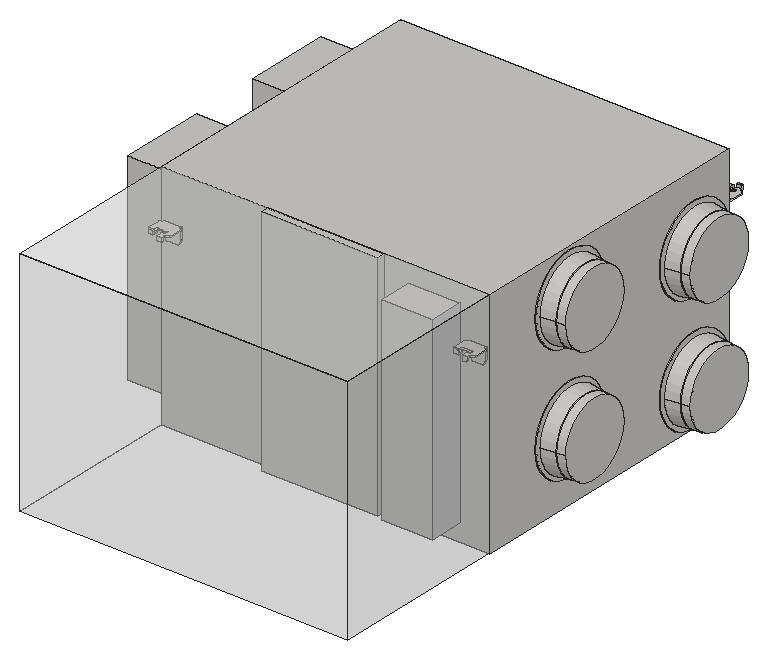
Revit family "outputfile", category 機械設備, Revit 2024
Family settings
  丸型コネクタ寸法 = 半径を使用
  パーツ タイプ = 標準
  OmniClass 番号 = 23.75.10.34.21
  OmniClass タイトル = Heat Exchangers for Ventilation Air
  作業面ベース = いいえ
  常に垂直 = はい
  ロード時にボイドで切り取り = いいえ
  注釈の向きを維持 = いいえ
  共有 = いいえ
  部屋計算ポイント = はい
Parameters (values of type "VAM2000HVE")
  Description = ""
  製造元 = "Daikin"
  書き出し IFC クラス(タイプ) = "IfcAirToAirHeatRecoveryType"
  定義済み IFC タイプ(タイプ) = "ROTARYWHEEL"
  Cost = 0
  モデル = "VAM2000HVE"
  Type Comments = ""
  Keynote = ""
  Type Image = (empty or 0)
  Assembly Code = ""
  w_maintenacecover = 395.0 mm  # constant formula
  r2_airconnection_top = 123.0 mm  # constant formula
  r1_airconnection_top = 125.0 mm  # constant formula
  r1_airconnection_bottom = 131.5 mm  # constant formula
  r0_airconnection = 146.0 mm  # constant formula
  Voltage_comment_60Hz = "220-240"
  Voltage_comment_50Hz = "220-240"
  Voltage_60Hz = 220 V
  Voltage_50Hz = 220 V
  URL = ""
  Phase_60Hz = 1
  Phase_50Hz = 1
  Minimum External Static Pressure = 96.00 Pa
  Minimum Circuit Amps_60Hz = 10.09 A
  Minimum Circuit Amps_50Hz = 10.09 A
  Maximum Fuse Amps_60Hz = 15.0 A
  Maximum Fuse Amps_50Hz = 15.0 A
  Maximum External Static Pressure = 210.00 Pa
  Material_Casing = DAIKIN_GalvanizedSteel_Casing_indoorunit
  lw_mountinghole = 1034.0 mm  # constant formula
  w_controlbox_right = 101.0 mm  # constant formula
  w_controlbox = 170.0 mm  # constant formula
  r_SAduct = SA Duct Size Diameter / 2  # 125.0 mm
  r_RAduct = RA Duct Size Diameter / 2  # 125.0 mm
  lh_mounting = lh_mountinghole + [h***]  # 625.0 mm
  lh_antena = Height - lh_mountinghole + 1.0 mm  # 161.0 mm
  lh_SA1 = 235.0 mm  # constant formula
  lh_SA2 = 632.0 mm  # constant formula
  lh_RA1 = 153.0 mm  # constant formula
  lh_RA2 = 550.0 mm  # constant formula
  lh_OA = 433.0 mm  # constant formula
  lh_EA = 433.0 mm  # constant formula
  ld_SA = 333.0 mm  # constant formula
  ld_RA = 152.0 mm  # constant formula
  ld_OA = 152.0 mm  # constant formula
  ld_EA = 333.0 mm  # constant formula
  lh_mountinghole = 625.0 mm  # constant formula
  h_controlbox = 666.0 mm  # constant formula
  h*** = 0.0 mm  # constant formula
  d_total_airconnection = d1_airconnection + d2_airconnection  # 89.0 mm
  d_outdoorductsize = 120.0 mm  # constant formula
  d_maintenacecover = 26.0 mm  # constant formula
  ld_mountinghole = 1115.0 mm  # constant formula
  d_controlbox = 117.0 mm  # constant formula
  d2_airconnection = 31.0 mm  # constant formula
  d1_airconnection = 58.0 mm  # constant formula
  d0_airconnection = 6.5 mm  # constant formula
  Width = 1110.0 mm
  Version = "ver.1.0"
  Unit Type = "Heat Recovery Ventilator"
  Unit Mass Weight = 133.00 kg
  Unit Designation [instance] = ""
  Uniclass2015Version = "Products v1.30"
  Uniclass2015Title = "Thermal wheels"
  Uniclass2015Code = "Pr_60_60_36_88"
  Temperature exchange efficiency (Heating) = 73.50%
  Temperature exchange efficiency (Cooling) = 58.50%
  Supply Air Direction [instance] = yes
  Sound Pressure Level_M speed (dBA) = 41.5
  Sound Pressure Level_L speed (dBA) = 39
  Sound Pressure Level_H speed (dBA) = 43.5
  Series = "VRV Fan Coil Unit"
  SA Duct Size Diameter = 250.0 mm
  Refrigerant Type = ""
  RA Duct Size Diameter = 250.0 mm
  Option Accessory 3 [instance] = ""
  Option Accessory 2 [instance] = ""
  Option Accessory 1 [instance] = ""
  OA Duct Size Width = 290.0 mm
  OA Duct Size Height = 680.0 mm
  Nominal Airflow = 2000.00 m³/h
  Minimum Airflow = 700.00 m³/h
  Median Airflow = 0.00 m³/h
  Maximum Airflow = 2500.00 m³/h
  Load Classification = HVAC
  Link_Nested Family [instance] = ""
  IfcVersion = "0"
  IfcExportType = "ROTARYWHEEL"
  IfcExportAs = "IfcAirToAirHeatRecoveryType"
  Height = 785.0 mm
  Heating Entering Wet Bulb Temperature [instance] = 0.00 °C
  Heating Entering Dry Bulb Temperature [instance] = 0.00 °C
  Heating Ambient Wet Bulb Temperature [instance] = 0.00 °C
  Heating Ambient Dry Bulb Temperature [instance] = 0.00 °C
  Frequency_60Hz = 60 Hz
  Frequency_50Hz = 50 Hz
  Fan Type = "Sirocco Fan"
  Fan Drive = "Direct Drive"
  FCU Tag No. [instance] = ""
  Enthalpy exchange efficiency (Heating) = 68.00%
  Enthalpy exchange efficiency (Cooling) = 60.00%
  EA Duct Size Width = 290.0 mm
  EA Duct Size Height = 680.0 mm
  Design Supply Airflow [instance] = 0.00 m³/h
  Design Return Airflow [instance] = 0.00 m³/h
  Design Outdoor Airflow [instance] = 0.00 m³/h
  Design External Static Pressure [instance] = 0.00 Pa
  Design Exhaust Airflow [instance] = 0.00 m³/h
  Depth = 1012.0 mm
  既定の高さ = 0.0 mm
  Cooling Entering Wet Bulb Temperature [instance] = 0.00 °C
  Cooling Entering Dry Bulb Temperature [instance] = 0.00 °C
  Cooling Ambient Wet Bulb Temperature [instance] = 0.00 °C
  Cooling Ambient Dry Bulb Temperature [instance] = 0.00 °C
  Clearance visibility [instance] = yes
  Clearance Top = 0.0 mm
  Clearance Right = 0.0 mm
  Clearance Rear = 0.0 mm
  Clearance Left = 0.0 mm
  Clearance Front = 600.0 mm
  Clearance Bottom = 0.0 mm
Reference planes
  plane 1 "Center (Front/Back)": y = 0
  plane 2: z = 0
  plane 3 "Center (Left/Right)": x = 0
  plane 4 "Back": y = 506
  plane 5 "Front": y = -506
  plane 6 "Left": x = -555
  plane 7 "Right": x = 555
  plane 8 "Top": z = 0
  plane 9 "mountinghole_Left": x = -517
  plane 10 "mountinghole_Right": x = 517
  plane 11 "mountinghole_Back": y = 557.5
  plane 12 "mountinghole_Front": y = -557.5
  plane 13 "Center (Elevation)": z = -392.5
  plane 14 "h_mounting": z = -160
  plane 15 "w_maintenacecover_left": x = -197.5
  plane 16 "w_maintenacecover_right": x = 197.5
  plane 17 "Clearance Front": y = -1106
  plane 18 "Clearance Left": x = -555
  plane 19 "Clearance Right": x = 555
  plane 20 "Clearance Rear": y = 506
  plane 21 "Clearance Top": z = 0
  plane 22 "Clearance Bottom": z = -785
  plane 23 "d_maintenacecover": y = -532
  plane 24 "d_controlbox": y = -623
  plane 25 "w_controlbox_left": x = 284
  plane 26 "w_controlbox_right": x = 454
  plane 27 "Bottom": z = -785
  plane 28 "h_controlbox_top": z = -59.5
  plane 29 "h_controlbox_bottom": z = -725.5
  plane 30 "lh_OA": z = -352
  plane 31 "lh_EA": z = -352
  plane 32 "lh_SA": z = -550
  plane 33 "lh_RA": z = -632
  plane 34 "ld_EA": y = 173
  plane 35 "ld_OA": y = -354
  plane 36 "ld_RA": y = 354
  plane 37 "ld_SA": y = -173
  plane 38 "d_outdoorductsize": x = -675
  plane 39 "lh_RA_above": z = -235
  plane 40 "lh_SA_above": z = -153
  plane 41 "lw_powersuply": x = 369
  plane 42 "lh_powersuply": z = -393
Forms (mm)
  Extrusion 1, solid, material "DAIKIN_GalvanizedSteel_Casing_indoorunit" <- "Material_Casing"
    sketch origin (0, 0, 200) x (1, 0, 0) y (0, 1, 0)
      loop
        line (-555, 506) -> (-555, -506) -> (555, -506) -> (555, 506) -> (-555, 506)
    from -985 to -200
  Extrusion 2, solid, material "DAIKIN_GalvanizedSteel_Casing_indoorunit" <- "Material_Casing"
    sketch origin (0, 0, 0) x (1, 0, 0) y (0, 1, 0)
      loop
        line (-197.5, -506) -> (-197.5, -532) -> (197.5, -532) -> (197.5, -506) -> (-197.5, -506)
    from -785 to 0
  Extrusion 3, solid, material "DAIKIN_GalvanizedSteel_Casing_indoorunit" <- "Material_Casing"
    sketch origin (0, 0, 0) x (1, 0, 0) y (0, 1, 0)
      loop
        line (284, -506) -> (284, -623) -> (454, -623) -> (454, -506) -> (284, -506)
    from -725.5 to -59.5
  Extrusion 4, solid, material "DAIKIN_GalvanizedSteel_Casing_indoorunit" <- "Material_Casing"
    sketch origin (0, 0, 0) x (0, 1, 0) y (0, 0, 1)
      loop
        line (318, -12) -> (28, -12) -> (28, -692) -> (318, -692) -> (318, -12)
    from -675 to -555
  Extrusion 5, solid, material "DAIKIN_GalvanizedSteel_Casing_indoorunit" <- "Material_Casing"
    sketch origin (0, 0, 0) x (0, 1, 0) y (0, 0, 1)
      loop
        line (-209, -12) -> (-499, -12) -> (-499, -692) -> (-209, -692) -> (-209, -12)
    from -555 to -675
Dimensions and locks
  equal spacing: plane 6 "Left", plane 3 "Center (Left/Right)", plane 7 "Right"
  "Width": plane 6 "Left" to plane 7 "Right"
  equal spacing: plane 4 "Back", plane 1 "Center (Front/Back)", plane 5 "Front"
  "Depth": plane 4 "Back" to plane 5 "Front"
  "lw_mountinghole": plane 9 "mountinghole_Left" to plane 10 "mountinghole_Right"
  equal spacing: plane 9 "mountinghole_Left", plane 3 "Center (Left/Right)", plane 10 "mountinghole_Right"
  equal spacing: plane 11 "mountinghole_Back", plane 1 "Center (Front/Back)", plane 12 "mountinghole_Front"
  "ld_mountinghole": plane 11 "mountinghole_Back" to plane 12 "mountinghole_Front"
  "Clearance Front": plane 5 "Front" to plane 17 "Clearance Front"
  "Clearance Left": plane 18 "Clearance Left" to plane 6 "Left"
  "Clearance Right": plane 7 "Right" to plane 19 "Clearance Right"
  "Clearance Rear": plane 4 "Back" to plane 20 "Clearance Rear"
  "w_controlbox_right": plane 26 "w_controlbox_right" to plane 7 "Right"
  "w_controlbox": plane 25 "w_controlbox_left" to plane 26 "w_controlbox_right"
  equal spacing: plane 15 "w_maintenacecover_left", plane 3 "Center (Left/Right)", plane 16 "w_maintenacecover_right"
  "w_maintenacecover": plane 15 "w_maintenacecover_left" to plane 16 "w_maintenacecover_right"
  "lh_mountinghole": plane 14 "h_mounting" to plane 27 "Bottom"
  "Height": plane 8 "Top" to plane 27 "Bottom"
  equal spacing: plane 8 "Top", plane 13 "Center (Elevation)", plane 27 "Bottom"
  "Clearance Top": plane 21 "Clearance Top" to plane 8 "Top"
  "Clearance Bottom": plane 27 "Bottom" to plane 22 "Clearance Bottom"
  equal spacing: plane 28 "h_controlbox_top", plane 13 "Center (Elevation)", plane 29 "h_controlbox_bottom"
  "h_controlbox": plane 28 "h_controlbox_top" to plane 29 "h_controlbox_bottom"
  "d_controlbox": plane 5 "Front" to plane 24 "d_controlbox"
  "d_maintenacecover": plane 5 "Front" to plane 23 "d_maintenacecover"
  "lh_SA1": plane 32 "lh_SA" to plane 27 "Bottom"
  "lh_RA1": plane 33 "lh_RA" to plane 27 "Bottom"
  "ld_OA": plane 35 "ld_OA" to plane 5 "Front"
  "ld_EA": plane 4 "Back" to plane 34 "ld_EA"
  "ld_RA": plane 4 "Back" to plane 36 "ld_RA"
  "ld_SA": plane 37 "ld_SA" to plane 5 "Front"
  "lh_EA": plane 31 "lh_EA" to plane 27 "Bottom"
  "lh_OA": plane 30 "lh_OA" to plane 27 "Bottom"
  equal spacing: Extrusion 4 sketch curve, plane 34 "ld_EA", Extrusion 4 sketch curve
  "EA Duct Size Width": Extrusion 4 sketch curve to Extrusion 4 sketch curve
  "EA Duct Size Height": Extrusion 4 sketch curve to Extrusion 4 sketch curve
  equal spacing: Extrusion 5 sketch curve, plane 35 "ld_OA", Extrusion 5 sketch curve
  "OA Duct Size Width": Extrusion 5 sketch curve to Extrusion 5 sketch curve
  equal spacing: Extrusion 4 sketch curve, plane 31 "lh_EA", Extrusion 4 sketch curve
  equal spacing: Extrusion 5 sketch curve, plane 30 "lh_OA", Extrusion 5 sketch curve
  "OA Duct Size Height": Extrusion 5 sketch curve to Extrusion 5 sketch curve
  "d_outdoorductsize": plane 38 "d_outdoorductsize" to plane 6 "Left"
  "lh_SA2": plane 40 "lh_SA_above" to plane 27 "Bottom"
  "lh_RA2": plane 39 "lh_RA_above" to plane 27 "Bottom"
  locked: plane 41 "lw_powersuply" to plane 7 "Right" at 186
  locked: plane 42 "lh_powersuply" to plane 27 "Bottom" at 392
  aligned and locked: level to plane 2
  aligned and locked: Extrusion 1 sketch curve to plane 4 "Back"
  aligned and locked: plane 6 "Left" to Extrusion 1 sketch curve
  aligned and locked: plane 5 "Front" to Extrusion 1 sketch curve
  aligned and locked: Extrusion 1 sketch curve to plane 7 "Right"
  aligned and locked: plane 8 "Top" to Extrusion 1
  aligned and locked: nested 1 to plane 10 "mountinghole_Right"
  aligned and locked: nested 1 to plane 5 "Front"
  aligned and locked: plane 9 "mountinghole_Left" to nested 2
  aligned and locked: nested 2 to plane 5 "Front"
  aligned and locked: plane 4 "Back" to nested 3
  aligned and locked: plane 10 "mountinghole_Right" to nested 3
  aligned and locked: nested 4 to plane 9 "mountinghole_Left"
  aligned and locked: plane 4 "Back" to nested 4
  aligned and locked: nested 6 to plane 10 "mountinghole_Right"
  aligned and locked: nested 6 to plane 11 "mountinghole_Back"
  aligned and locked: plane 9 "mountinghole_Left" to nested 7
  aligned and locked: nested 7 to plane 11 "mountinghole_Back"
  aligned and locked: plane 9 "mountinghole_Left" to nested 8
  aligned and locked: plane 12 "mountinghole_Front" to nested 8
  aligned and locked: plane 12 "mountinghole_Front" to nested 9
  aligned and locked: nested 9 to plane 10 "mountinghole_Right"
  aligned and locked: plane 14 "h_mounting" to nested 3
  aligned and locked: plane 14 "h_mounting" to nested 1
  aligned and locked: plane 14 "h_mounting" to nested 4
  aligned and locked: plane 14 "h_mounting" to nested 2
  aligned and locked: nested 5 to plane 17 "Clearance Front"
  aligned and locked: nested 5 to plane 18 "Clearance Left"
  aligned and locked: nested 5 to plane 19 "Clearance Right"
  aligned and locked: nested 5 to plane 20 "Clearance Rear"
  aligned and locked: nested 5 to plane 22 "Clearance Bottom"
  aligned and locked: nested 5 to plane 21 "Clearance Top"
  aligned and locked: plane 27 "Bottom" to Extrusion 1
  aligned and locked: plane 23 "d_maintenacecover" to Extrusion 2 sketch curve
  aligned and locked: plane 16 "w_maintenacecover_right" to Extrusion 2 sketch curve
  aligned and locked: plane 15 "w_maintenacecover_left" to Extrusion 2 sketch curve
  aligned and locked: Extrusion 2 sketch curve to plane 5 "Front"
  aligned and locked: plane 8 "Top" to Extrusion 2
  aligned and locked: Extrusion 2 to plane 27 "Bottom"
  aligned and locked: plane 24 "d_controlbox" to Extrusion 3 sketch curve
  aligned and locked: plane 25 "w_controlbox_left" to Extrusion 3 sketch curve
  aligned and locked: Extrusion 3 sketch curve to plane 5 "Front"
  aligned and locked: Extrusion 3 sketch curve to plane 26 "w_controlbox_right"
  aligned and locked: plane 28 "h_controlbox_top" to Extrusion 3
  aligned and locked: plane 29 "h_controlbox_bottom" to Extrusion 3
  aligned and locked: plane 36 "ld_RA" to nested 10
  aligned and locked: plane 7 "Right" to nested 10
  aligned and locked: plane 37 "ld_SA" to nested 11
  aligned and locked: plane 7 "Right" to nested 11
  aligned and locked: plane 32 "lh_SA" to nested 11
  aligned and locked: plane 33 "lh_RA" to nested 10
  aligned and locked: plane 37 "ld_SA" to nested 13
  aligned and locked: plane 7 "Right" to nested 13
  aligned and locked: plane 36 "ld_RA" to nested 14
  aligned and locked: plane 7 "Right" to nested 14
  aligned and locked: nested 16 to plane 34 "ld_EA"
  aligned and locked: nested 15 to plane 35 "ld_OA"
  aligned and locked: nested 16 to plane 6 "Left"
  aligned and locked: nested 15 to plane 6 "Left"
  aligned and locked: plane 31 "lh_EA" to nested 15
  aligned and locked: nested 16 to plane 31 "lh_EA"
  aligned and locked: nested 14 to plane 33 "lh_RA"
  aligned and locked: nested 13 to plane 32 "lh_SA"
  aligned and locked: Extrusion 4 to plane 6 "Left"
  aligned and locked: Extrusion 4 to plane 38 "d_outdoorductsize"
  aligned and locked: plane 6 "Left" to Extrusion 5
  aligned and locked: Extrusion 5 to plane 38 "d_outdoorductsize"
  aligned and locked: plane 37 "ld_SA" to nested 12
  aligned and locked: nested 17 to plane 36 "ld_RA"
  aligned and locked: plane 37 "ld_SA" to nested 18
  aligned and locked: plane 39 "lh_RA_above" to nested 17
  aligned and locked: plane 40 "lh_SA_above" to nested 18
  aligned and locked: plane 7 "Right" to nested 19
  aligned and locked: plane 36 "ld_RA" to nested 19
  aligned and locked: nested 19 to plane 39 "lh_RA_above"
  aligned and locked: plane 7 "Right" to nested 20
  aligned and locked: plane 37 "ld_SA" to nested 20
  aligned and locked: nested 20 to plane 40 "lh_SA_above"
  aligned and locked: nested 21 to plane 5 "Front"
  aligned and locked: plane 41 "lw_powersuply" to nested 21
  aligned and locked: plane 42 "lh_powersuply" to nested 21
Nested families
  nested 1: "daikin_hangerfixture_VAM-HVE_1500-2000" at (517, -506, -160), type "daikin_hangerfixture_VAM-HVE_1500-2000"
    with depth 76.5 mm
  nested 2: "daikin_hangerfixture_VAM-HVE_1500-2000" at (-517, -506, -160), type "daikin_hangerfixture_VAM-HVE_1500-2000"
    with depth 76.5 mm
  nested 3: "daikin_hangerfixture_VAM-HVE_1500-2000" at (517, 506, -160) x (-1, 0, 0) z (0, 0, 1), type "daikin_hangerfixture_VAM-HVE_1500-2000"
    with depth 76.5 mm
  nested 4: "daikin_hangerfixture_VAM-HVE_1500-2000" at (-517, 506, -160) x (-1, 0, 0) z (0, 0, 1), type "daikin_hangerfixture_VAM-HVE_1500-2000"
    with depth 76.5 mm
  nested 5: "daikin_clearancespace" at (0, -300, -392.381), visible <- "Clearance visibility", show <- "Clearance visibility", Link_Nested Family <- "Link_Nested Family", type "daikin_clearancespace"
    with width 1110.0 mm, show yes, height 785.0 mm, depth 1612.0 mm, Link_Nested Family ""
  nested 6: "daikin_mountinghole" at (517, 557.5, -785), l_antenna <- "lh_antena", Link_Nested Family <- "Link_Nested Family", h_mountinghole <- "lh_mounting", type "daikin_mountinghole"
    with show yes, l_antenna 161.0 mm, h_mountinghole 625.0 mm, Link_Nested Family ""
  nested 7: "daikin_mountinghole" at (-517, 557.5, -785), l_antenna <- "lh_antena", Link_Nested Family <- "Link_Nested Family", h_mountinghole <- "lh_mounting", type "daikin_mountinghole"
    with show yes, l_antenna 161.0 mm, h_mountinghole 625.0 mm, Link_Nested Family ""
  nested 8: "daikin_mountinghole" at (-517, -557.5, -785), l_antenna <- "lh_antena", Link_Nested Family <- "Link_Nested Family", h_mountinghole <- "lh_mounting", type "daikin_mountinghole"
    with show yes, l_antenna 161.0 mm, h_mountinghole 625.0 mm, Link_Nested Family ""
  nested 9: "daikin_mountinghole" at (517, -557.5, -785), l_antenna <- "lh_antena", Link_Nested Family <- "Link_Nested Family", h_mountinghole <- "lh_mounting", type "daikin_mountinghole"
    with show yes, l_antenna 161.0 mm, h_mountinghole 625.0 mm, Link_Nested Family ""
  nested 10: "daikin_airconnection_VAM-HVE_1500-2000" at (555, 354, -632) x (0, 1, 0) z (0, 0, 1), d0 <- "d0_airconnection", d1 <- "d1_airconnection", d2 <- "d2_airconnection", r0 <- "r0_airconnection", r1_bottom <- "r1_airconnection_bottom", r1_top <- "r1_airconnection_top", r2_top <- "r2_airconnection_top", type "daikin_airconnection_VAM-HVE_1500-2000"
    with r2_top 123.0 mm, r2_bottom 125.0 mm, r1_top 125.0 mm, r1_bottom 131.5 mm, r0 146.0 mm, d_total 89.0 mm, d2 31.0 mm, d1 58.0 mm, d0 6.5 mm
  nested 11: "daikin_airconnection_VAM-HVE_1500-2000" at (555, -173, -550) x (0, 1, 0) z (0, 0, 1), d0 <- "d0_airconnection", d1 <- "d1_airconnection", d2 <- "d2_airconnection", r0 <- "r0_airconnection", r1_bottom <- "r1_airconnection_bottom", r1_top <- "r1_airconnection_top", r2_top <- "r2_airconnection_top", type "daikin_airconnection_VAM-HVE_1500-2000"
    with r2_top 123.0 mm, r2_bottom 125.0 mm, r1_top 125.0 mm, r1_bottom 131.5 mm, r0 146.0 mm, d_total 89.0 mm, d2 31.0 mm, d1 58.0 mm, d0 6.5 mm
  nested 12: "daikin_△_symbolicline" at (0, -173, 785) x (0, 1, 0) z (0, 0, 1), built-in parameter 1001360 <- "Height", visible <- "Supply Air Direction", type "daikin_△_symbolicline"
    with length 500.0 mm
  nested 13: "daikin_connector_rotate2" at (555, -173, -550) x (0, 1, 0) z (0, 0, 1), length <- "d_total_airconnection", radius <- "r_SAduct", type "daikin_connector_rotate2"
    with radius 125.0 mm, length 89.0 mm, angle_vertical 90.00°, show_face no
  nested 14: "daikin_connector_rotate2" at (555, 354, -632) x (0, 1, 0) z (0, 0, 1), length <- "d_total_airconnection", radius <- "r_RAduct", type "daikin_connector_rotate2"
    with radius 125.0 mm, length 89.0 mm, angle_vertical 90.00°, show_face no
  nested 15: "daikin_connector_rotate2" at (-555, -354, -352) x (0, -1, 0) z (0, 0, 1), length <- "d_outdoorductsize", type "daikin_connector_rotate2"
    with radius 10.0 mm, length 120.0 mm, angle_vertical 90.00°, show_face no
  nested 16: "daikin_connector_rotate2" at (-555, 173, -352) x (0, -1, 0) z (0, 0, 1), length <- "d_outdoorductsize", type "daikin_connector_rotate2"
    with radius 10.0 mm, length 120.0 mm, angle_vertical 90.00°, show_face no
  nested 17: "daikin_airconnection_VAM-HVE_1500-2000" at (555, 354, -235) x (0, 1, 0) z (0, 0, 1), d0 <- "d0_airconnection", d1 <- "d1_airconnection", d2 <- "d2_airconnection", r0 <- "r0_airconnection", r1_bottom <- "r1_airconnection_bottom", r1_top <- "r1_airconnection_top", r2_top <- "r2_airconnection_top", type "daikin_airconnection_VAM-HVE_1500-2000"
    with r2_top 123.0 mm, r2_bottom 125.0 mm, r1_top 125.0 mm, r1_bottom 131.5 mm, r0 146.0 mm, d_total 89.0 mm, d2 31.0 mm, d1 58.0 mm, d0 6.5 mm
  nested 18: "daikin_airconnection_VAM-HVE_1500-2000" at (555, -173, -153) x (0, 1, 0) z (0, 0, 1), d0 <- "d0_airconnection", d1 <- "d1_airconnection", d2 <- "d2_airconnection", r0 <- "r0_airconnection", r1_bottom <- "r1_airconnection_bottom", r1_top <- "r1_airconnection_top", r2_top <- "r2_airconnection_top", type "daikin_airconnection_VAM-HVE_1500-2000"
    with r2_top 123.0 mm, r2_bottom 125.0 mm, r1_top 125.0 mm, r1_bottom 131.5 mm, r0 146.0 mm, d_total 89.0 mm, d2 31.0 mm, d1 58.0 mm, d0 6.5 mm
  nested 19: "daikin_connector_rotate2" at (555, 354, -235) x (0, 1, 0) z (0, 0, 1), length <- "d_total_airconnection", radius <- "r_RAduct", type "daikin_connector_rotate2"
    with radius 125.0 mm, length 89.0 mm, angle_vertical 90.00°, show_face no
  nested 20: "daikin_connector_rotate2" at (555, -173, -153) x (0, 1, 0) z (0, 0, 1), length <- "d_total_airconnection", radius <- "r_SAduct", type "daikin_connector_rotate2"
    with radius 125.0 mm, length 89.0 mm, angle_vertical 90.00°, show_face no
  nested 21: "daikin_connector_rotate2" at (369, -506, -393), length <- "d_controlbox", type "daikin_connector_rotate2"
    with radius 10.0 mm, length 117.0 mm, angle_vertical 90.00°, show_face no
Connectors
  hvac at (644, 354, -632), driven by "r_RAduct"
    settings: on nested 14, index 3, duct flow 0.00 m³/h, flow factor 0, pres drop 0.00 Pa, loss coef 0, conn angle 0.00°, conn width 304.8 mm, conn height 304.8 mm, conn diameter 250.0 mm, duct sys type 2, conn prof type 0, flow config 0, flow direction 1, loss method 4, conn ref index -1, conn util no, is conn primary no, conn desc "RA Duct1"
  hvac at (644, -173, -550), driven by "r_SAduct"
    settings: on nested 13, index 4, duct flow 0.00 m³/h, flow factor 0, pres drop 0.00 Pa, loss coef 0, conn angle 0.00°, conn width 304.8 mm, conn height 304.8 mm, conn diameter 250.0 mm, duct sys type 1, conn prof type 0, flow config 0, flow direction 2, loss method 4, conn ref index -1, conn util no, is conn primary yes, conn desc "SA Duct1"
  hvac at (644, -173, -153), driven by "r_SAduct"
    settings: on nested 20, index 6, duct flow 0.00 m³/h, flow factor 0, pres drop 0.00 Pa, loss coef 0, conn angle 0.00°, conn width 304.8 mm, conn height 304.8 mm, conn diameter 250.0 mm, duct sys type 1, conn prof type 0, flow config 0, flow direction 2, loss method 4, conn ref index -1, conn util no, is conn primary no, conn desc "SA Duct2"
  hvac at (644, 354, -235), driven by "r_RAduct"
    settings: on nested 19, index 7, duct flow 0.00 m³/h, flow factor 0, pres drop 0.00 Pa, loss coef 0, conn angle 0.00°, conn width 304.8 mm, conn height 304.8 mm, conn diameter 250.0 mm, duct sys type 2, conn prof type 0, flow config 0, flow direction 1, loss method 4, conn ref index -1, conn util no, is conn primary no, conn desc "RA Duct2"
  hvac at (-675, 173, -352), driven by "EA Duct Size Height", driven by "EA Duct Size Width"
    settings: on nested 16, index 8, duct flow 0.00 m³/h, flow factor 0, pres drop 0.00 Pa, loss coef 0, conn angle 0.00°, conn width 290.0 mm, conn height 680.0 mm, conn diameter 609.6 mm, duct sys type 3, conn prof type 1, flow config 0, flow direction 2, loss method 4, conn ref index -1, conn util no, is conn primary no, conn desc "EA Duct"
  hvac at (-675, -354, -352), driven by "OA Duct Size Height", driven by "OA Duct Size Width"
    settings: on nested 15, index 9, duct flow 0.00 m³/h, flow factor 0, pres drop 0.00 Pa, loss coef 0, conn angle 0.00°, conn width 290.0 mm, conn height 680.0 mm, conn diameter 609.6 mm, duct sys type 1, conn prof type 1, flow config 0, flow direction 1, loss method 4, conn ref index -1, conn util no, is conn primary no, conn desc "OA Duct"
  electrical at (369, -623, -393), driven by "Load Classification"
    settings: on nested 21, index 10, voltage 0 V, apparent load 0 VA, apparent load phase1 0 VA, apparent load phase2 0 VA, apparent load phase3 0 VA, power factor 1, load classification "HVAC", number of poles 1, system type 30, power factor state 1, is connector primary yes, connector utility no, sub classification motor no, connector description "Power Supply"
Definition of nested family "daikin_hangerfixture_VAM-HVE_1500-2000"
  Parameters (values of type "daikin_hangerfixture_VAM")
    width = 76.0 mm
    material = none
    height = 0.0 mm
    depth = 75.0 mm
    Default Elevation = 0.0 mm
  Reference planes
    plane 1 "Center (Front/Back)": y = 0
    plane 2: z = 0
    plane 3 "Center (Left/Right)": x = 0
    plane 4: y = -75
    plane 5: x = -38
    plane 6: x = 38
    plane 7: z = -3.2
    plane 8: z = -57
    plane 9: x = -28
    plane 10: x = 28
    plane 11: y = -3.2
    plane 12: z = 11.8
    plane 13: z = -15
    plane 14: y = -71.8
  Forms (mm)
    Extrusion 1, solid, material <- "material"
      sketch origin (0, 0, 0) x (1, 0, 0) y (0, 1, 0)
        loop
          line (-28, 0) -> (-28, -5)
          arc (-28, -5) -> (-29.464, -8.536) -> (-33, -10) r 5
          arc (-33, -10) -> (-36.536, -11.464) -> (-38, -15) r 5
          line (-38, -15) -> (-38, -52.597)
          arc (-38, -52.597) -> (-37.507, -54.763) -> (-36.123, -56.501) r 5
          line (-36.123, -56.501) -> (-24.877, -65.499)
          arc (-24.877, -65.499) -> (-23.493, -67.237) -> (-23, -69.403) r 5
          line (-23, -69.403) -> (-23, -75) -> (-7, -75) -> (-7, -60)
          arc (-7, -60) -> (-7.879, -57.879) -> (-10, -57) r 3
          line (-10, -57) -> (-13, -57)
          arc (-13, -57) -> (-20, -50) -> (-13, -43) r 7
          line (-13, -43) -> (13, -43)
          arc (13, -43) -> (20, -50) -> (13, -57) r 7
          line (13, -57) -> (10, -57)
          arc (10, -57) -> (7.879, -57.879) -> (7, -60) r 3
          line (7, -60) -> (7, -75) -> (23, -75) -> (23, -69.403)
          arc (23, -69.403) -> (23.493, -67.237) -> (24.877, -65.499) r 5
          line (24.877, -65.499) -> (36.123, -56.501)
          arc (36.123, -56.501) -> (37.507, -54.763) -> (38, -52.597) r 5
          line (38, -52.597) -> (38, -15)
          arc (38, -15) -> (36.536, -11.464) -> (33, -10) r 5
          arc (33, -10) -> (29.464, -8.536) -> (28, -5) r 5
          line (28, -5) -> (28, 0) -> (-28, 0)
      from 0 to -3.2
    Extrusion 2, solid, material <- "material"
      sketch origin (0, 0, 0) x (1, 0, 0) y (0, 0, 1)
        loop
          line (28, 0) -> (-28, 0) -> (-28, -38.882)
          arc (-28, -38.882) -> (-27.88, -39.973) -> (-27.524, -41.011) r 5
          line (-27.524, -41.011) -> (-21.351, -54.129)
          arc (-21.351, -54.129) -> (-19.506, -56.222) -> (-16.827, -57) r 5
          line (-16.827, -57) -> (16.827, -57)
          arc (16.827, -57) -> (19.506, -56.222) -> (21.351, -54.129) r 5
          line (21.351, -54.129) -> (27.524, -41.011)
          arc (27.524, -41.011) -> (27.88, -39.973) -> (28, -38.882) r 5
          line (28, -38.882) -> (28, 0)
      from 0 to 3.2
    Extrusion 3, solid, material <- "material"
      sketch origin (0, 0, 0) x (1, 0, 0) y (0, 0, 1)
        loop
          line (-23, -3.2) -> (-7, -3.2) -> (-7, 8.8)
          arc (-7, 8.8) -> (-7.879, 10.921) -> (-10, 11.8) r 3
          line (-10, 11.8) -> (-20, 11.8)
          arc (-20, 11.8) -> (-22.121, 10.921) -> (-23, 8.8) r 3
          line (-23, 8.8) -> (-23, -3.2)
        loop
          line (7, 0) -> (7, -12)
          arc (7, -12) -> (7.879, -14.121) -> (10, -15) r 3
          line (10, -15) -> (20, -15)
          arc (20, -15) -> (22.121, -14.121) -> (23, -12) r 3
          line (23, -12) -> (23, 0) -> (7, 0)
      from 71.8 to 75
  Cuts and joins
    joined: Extrusion 1, Extrusion 2, Extrusion 3
  Dimensions and locks
    "depth": plane 4 to plane 1 "Center (Front/Back)"
    equal spacing: plane 5, plane 3 "Center (Left/Right)", plane 6
    "width": plane 5 to plane 6
    plane 2 to plane 7 = 3.2 mm
    locked: plane 2 to plane 8 at 57
    locked: plane 9 to plane 10 at 56
    equal spacing: plane 9, plane 3 "Center (Left/Right)", plane 10
    locked: plane 11 to plane 1 "Center (Front/Back)" at 3.2
    locked: plane 12 to plane 7 at 15
    locked: plane 2 to plane 13 at 15
    plane 14 to plane 4 = 3.2 mm
    aligned and locked: level to plane 2
    aligned and locked: plane 1 "Center (Front/Back)" to Extrusion 1 sketch curve
    aligned and locked: plane 4 to Extrusion 1 sketch curve  (x2)
    aligned and locked: Extrusion 1 to plane 5
    aligned and locked: plane 6 to Extrusion 1
    aligned and locked: Extrusion 1 to plane 7
    aligned and locked: Extrusion 2 sketch curve to plane 2
    aligned and locked: Extrusion 2 to plane 8
    aligned and locked: plane 9 to Extrusion 2
    aligned and locked: Extrusion 2 to plane 10
    aligned and locked: Extrusion 2 to plane 1 "Center (Front/Back)"
    aligned and locked: Extrusion 2 to plane 11
    aligned and locked: Extrusion 3 sketch curve to plane 7
    aligned and locked: Extrusion 3 sketch curve to plane 2
    aligned and locked: Extrusion 3 to plane 12
    aligned and locked: Extrusion 3 to plane 13
    aligned and locked: Extrusion 3 to plane 4
    aligned and locked: plane 14 to Extrusion 3
  Automatic sketch dimensions
    plane 3 "Center (Left/Right)" to Extrusion 1 sketch curve = 28.0 mm
    plane 1 "Center (Front/Back)" to Extrusion 1 sketch curve = 5.0 mm
    Extrusion 1 sketch curve to Extrusion 1 sketch curve = 5.0 mm  (x8)
    plane 4 to Extrusion 1 sketch curve = 22.403 mm
    Extrusion 1 sketch curve to Extrusion 1 sketch curve = 1.877 mm  (x2)
    plane 4 to Extrusion 1 sketch curve = 9.501 mm
    Extrusion 1 sketch curve to Extrusion 1 sketch curve = 11.247 mm  (x2)
    Extrusion 1 sketch curve to Extrusion 1 sketch curve = 3.123 mm  (x2)
    Extrusion 1 sketch curve to Extrusion 1 sketch curve = 3.904 mm  (x2)
    plane 3 "Center (Left/Right)" to Extrusion 1 sketch curve = 7.0 mm
    plane 4 to Extrusion 1 sketch curve = 15.0 mm
    Extrusion 1 sketch curve to Extrusion 1 sketch curve = 3.0 mm  (x4)
    Extrusion 1 sketch curve to Extrusion 1 sketch curve = 7.0 mm  (x2)
    Extrusion 1 sketch curve to plane 3 "Center (Left/Right)" = 13.0 mm
    Extrusion 1 sketch curve to Extrusion 1 sketch curve = 16.0 mm
    plane 4 to Extrusion 1 sketch curve = 5.597 mm
    Extrusion 1 sketch curve to Extrusion 1 sketch curve = 8.998 mm
    plane 1 "Center (Front/Back)" to Extrusion 1 sketch curve = 15.0 mm
    plane 5 to Extrusion 2 sketch curve = 10.0 mm
    Extrusion 2 sketch curve to Extrusion 2 sketch curve = 0.476 mm  (x2)
    Extrusion 2 sketch curve to Extrusion 2 sketch curve = 4.524 mm  (x4)
    Extrusion 2 sketch curve to Extrusion 2 sketch curve = 6.173 mm  (x2)
    plane 3 "Center (Left/Right)" to Extrusion 2 sketch curve = 16.827 mm
    Extrusion 2 sketch curve to plane 7 = 35.682 mm  (x2)
    Extrusion 2 sketch curve to Extrusion 2 sketch curve = 13.118 mm  (x2)
    Extrusion 2 sketch curve to Extrusion 2 sketch curve = 2.129 mm
    Extrusion 3 sketch curve to plane 9 = 5.0 mm
    Extrusion 3 sketch curve to Extrusion 3 sketch curve = 3.0 mm  (x4)
    Extrusion 3 sketch curve to Extrusion 3 sketch curve = 10.0 mm
    plane 3 "Center (Left/Right)" to Extrusion 3 sketch curve = 7.0 mm
    plane 10 to Extrusion 3 sketch curve = 8.0 mm
    Extrusion 3 sketch curve to plane 7 = 8.8 mm
    level to Extrusion 3 sketch curve = 8.8 mm
Definition of nested family "daikin_clearancespace"
  Parameters (values of type "daikin_clearancespace")
    width [instance] = 1823.963 mm
    show [instance] = yes
    material = none
    height [instance] = 1359.762 mm
    depth [instance] = 880.0 mm
    Default Elevation = 0.0 mm
    Link_Nested Family [instance] = ""
  Reference planes
    plane 1 "Center (Front/Back)": y = 0
    plane 2 "Center (Elevation)": z = -0.119
    plane 3 "Center (Left/Right)": x = 0
    plane 4: y = 440
    plane 5: y = -440
    plane 6 "Right": x = 911.982
    plane 7 "Left": x = -911.982
    plane 8 "Top": z = 679.762
    plane 9 "Bottom": z = -680
  Forms (mm)
    Extrusion 1, solid, material <- "material", visible <- "show"
      sketch origin (0, 0, 0) x (1, 0, 0) y (0, 1, 0)
        loop
          line (-911.982, 440) -> (-911.982, -440) -> (911.982, -440) -> (911.982, 440) -> (-911.982, 440)
      from -680 to 679.762
  Lines and regions (mm)
    symbolic lines, visible <- "show"
      curve 1: line (911.982, 440, 0) -> (-911.982, 440, 0)
      curve 2: line (-911.982, 440, 0) -> (-911.982, -440, 0)
      curve 3: line (-911.982, -440, 0) -> (911.982, -440, 0)
      curve 4: line (911.982, -440, 0) -> (911.982, 440, 0)
      curve 5: line (911.982, 0, 679.762) -> (-911.982, 0, 679.762)
      curve 6: line (911.982, 0, -680) -> (911.982, 0, 679.762)
      curve 7: line (-911.982, 0, -680) -> (911.982, 0, -680)
      curve 8: line (-911.982, 0, 679.762) -> (-911.982, 0, -680)
      curve 9: line (0, 440, 679.762) -> (0, -440, 679.762)
      curve 10: line (0, -440, 679.762) -> (0, -440, -680)
      curve 11: line (0, 440, -680) -> (0, 440, 679.762)
      curve 12: line (0, -440, -680) -> (0, 440, -680)
  Dimensions and locks
    "width": plane 7 "Left" to plane 6 "Right"
    "depth": plane 4 to plane 5
    "height": plane 8 "Top" to plane 9 "Bottom"
    equal spacing: plane 7 "Left", plane 3 "Center (Left/Right)", plane 6 "Right"
    equal spacing: plane 4, plane 1 "Center (Front/Back)", plane 5
    equal spacing: plane 8 "Top", plane 2 "Center (Elevation)", plane 9 "Bottom"
    aligned and locked: level to plane 2 "Center (Elevation)"
    aligned and locked: Extrusion 1 sketch curve to plane 4
    aligned and locked: plane 7 "Left" to Extrusion 1 sketch curve
    aligned and locked: Extrusion 1 sketch curve to plane 5
    aligned and locked: Extrusion 1 sketch curve to plane 6 "Right"
    aligned and locked: plane 8 "Top" to Extrusion 1
    aligned and locked: curve 1 to Extrusion 1
    aligned and locked: curve 2 to Extrusion 1
    aligned and locked: curve 3 to Extrusion 1
    aligned and locked: curve 4 to Extrusion 1
    aligned and locked: curve 5 to Extrusion 1
    aligned and locked: curve 6 to Extrusion 1
    aligned and locked: curve 7 to Extrusion 1
    aligned and locked: curve 8 to Extrusion 1
    aligned and locked: curve 9 to Extrusion 1
    aligned and locked: curve 10 to Extrusion 1
    aligned and locked: curve 11 to Extrusion 1
    aligned and locked: curve 12 to Extrusion 1
    aligned and locked: Extrusion 1 to plane 9 "Bottom"
Definition of nested family "daikin_airconnection_VAM-HVE_1500-2000"
  Parameters (values of type "daikin_airconnection_VAM")
    width = 0.0 mm
    r2_top [instance] = 123.0 mm
    r2_bottom [instance] = r1_top  # 125.0 mm
    r1_top [instance] = 125.0 mm
    r1_bottom [instance] = 131.5 mm
    r0 [instance] = 146.0 mm
    material = none
    height = 0.0 mm
    depth = 0.0 mm
    d_total [instance] = d2 + d1  # 89.0 mm
    d2 [instance] = 31.0 mm
    d1 [instance] = 58.0 mm
    d0 [instance] = 6.5 mm
    Default Elevation = 0.0 mm
  Reference planes
    plane 1 "Center (Front/Back)": y = 0
    plane 2 "Center (Elevation)": z = 0
    plane 3 "Center (Left/Right)": x = 0
    plane 4 "d1": y = -58
    plane 5 "d2": y = -89
    plane 6 "d0": y = -6.5
  Forms (mm)
    Blend 1, solid, material <- "material"
      base sketch origin (0, 0, 0) x (1, 0, 0) y (0, 0, 1)
        loop
          circle (0, 0) r 131.5
      top sketch origin (0, 0, 0) x (1, 0, 0) y (0, 0, 1)
        loop
          circle (0, 0) r 125
      from 6.5 to 58
    Blend 2, solid, material <- "material"
      base sketch origin (0, 0, 0) x (1, 0, 0) y (0, 0, 1)
        loop
          circle (0, 0) r 125
      top sketch origin (0, 0, 0) x (1, 0, 0) y (0, 0, 1)
        loop
          circle (0, 0) r 123
      from 58 to 89
    Extrusion 3, solid, material <- "material"
      sketch origin (0, 0, 0) x (1, 0, 0) y (0, 0, 1)
        loop
          circle (0, 0) r 146
      from 0 to 6.5
  Dimensions and locks
    "d1": plane 4 "d1" to plane 1 "Center (Front/Back)"
    "d2": plane 4 "d1" to plane 5 "d2"
    "d0": plane 6 "d0" to plane 1 "Center (Front/Back)"
    "r1_bottom": radius of Blend 1 sketch curve
    "r1_top": radius of Blend 1 sketch curve
    "r2_bottom": radius of Blend 2 sketch curve
    "r2_top": radius of Blend 2 sketch curve
    "r0": radius of Extrusion 3 sketch curve
    aligned and locked: level to plane 2 "Center (Elevation)"
    aligned and locked: plane 2 "Center (Elevation)" to Blend 1 sketch curve  (x2)
    aligned and locked: plane 3 "Center (Left/Right)" to Blend 1 sketch curve  (x2)
    aligned and locked: Blend 1 to plane 4 "d1"
    aligned and locked: plane 2 "Center (Elevation)" to Blend 2 sketch curve  (x2)
    aligned and locked: plane 3 "Center (Left/Right)" to Blend 2 sketch curve  (x2)
    aligned and locked: plane 4 "d1" to Blend 2
    aligned and locked: Blend 2 to plane 5 "d2"
    aligned and locked: Extrusion 3 to plane 6 "d0"
    aligned and locked: plane 6 "d0" to Blend 1
  Automatic sketch dimensions
    Extrusion 3 sketch curve to level = 0.0 mm
    Extrusion 3 sketch curve to plane 3 "Center (Left/Right)" = 0.0 mm
Definition of nested family "daikin_mountinghole"
  Parameters (values of type "daikin_mountinghole")
    Default Elevation = 1219.2 mm
    Type Comments = "mountinghole"
    show [instance] = yes
    material = none
    l_centerline = 100.0 mm
    l_antenna [instance] = 100.0 mm
    h_mountinghole [instance] = 0.0 mm
    d_circle = 30.0 mm
    Link_Nested Family [instance] = ""
  Reference planes
    plane 1 "Center (Front/Back)": y = 0
    plane 2: z = 0
    plane 3 "Center (Left/Right)": x = 0
    plane 4: y = 50
    plane 5: x = -50
    plane 6: x = 50
    plane 7: y = -50
    plane 8 "h_mountinghole": z = 0
    plane 9: z = 100
  Lines and regions (mm)
    model lines, detail levels fine
      curve 1: circle (0, 0, 0) r 15 normal (0, 0, 1)
      curve 2: line (-50, 0, 0) -> (50, 0, 0)
      curve 3: line (0, 50, 0) -> (0, -50, 0)
    symbolic lines, detail levels fine
      curve 4: circle (0, 0, 0) r 15 normal (0, 0, 1)
      curve 5: line (-50, 0, 0) -> (50, 0, 0)
      curve 6: line (0, 50, 0) -> (0, -50, 0)
    model lines
      curve 7: line (0, 0, 100) -> (0, 0, 0)
  Dimensions and locks
    equal spacing: plane 4, plane 1 "Center (Front/Back)", plane 7
    "l_centerline": plane 4 to plane 7
    equal spacing: plane 5, plane 3 "Center (Left/Right)", plane 6
    "l_centerline": plane 5 to plane 6
    "l_antenna": plane 9 to plane 8 "h_mountinghole"
    "h_mountinghole": plane 8 "h_mountinghole" to plane 2
    "d_circle": diameter of curve 1
    "d_circle": diameter of curve 4
    aligned and locked: level to plane 2
    aligned and locked: plane 1 "Center (Front/Back)" to curve 1
    aligned and locked: plane 3 "Center (Left/Right)" to curve 1
    aligned and locked: plane 1 "Center (Front/Back)" to curve 2
    aligned and locked: curve 3 to plane 3 "Center (Left/Right)"
    aligned and locked: plane 6 to curve 2
    aligned and locked: plane 5 to curve 2
    aligned and locked: plane 4 to curve 3
    aligned and locked: plane 7 to curve 3
    aligned and locked: plane 1 "Center (Front/Back)" to curve 4
    aligned and locked: plane 3 "Center (Left/Right)" to curve 4
    aligned and locked: plane 6 to curve 5
    aligned and locked: plane 5 to curve 5
    aligned and locked: plane 1 "Center (Front/Back)" to curve 5
    aligned and locked: plane 4 to curve 6
    aligned and locked: plane 7 to curve 6
    aligned and locked: curve 6 to plane 3 "Center (Left/Right)"
    aligned and locked: curve 7 to plane 3 "Center (Left/Right)"
    aligned and locked: plane 9 to curve 7
    aligned and locked: plane 8 "h_mountinghole" to curve 7
Definition of nested family "daikin_△_symbolicline"
  Parameters (values of type "daikin_△_symbolicline")
    length [instance] = 500.0 mm
    Default Elevation = 0.0 mm
  Reference planes
    plane 1 "Center (Front/Back)": y = 0
    plane 2: z = 0
    plane 3 "Center (Left/Right)": x = 0
  Lines and regions (mm)
    symbolic lines
      curve 1: line (0, -433.013, 0) -> (250, 0, 0)
      curve 2: line (250, 0, 0) -> (-250, 0, 0)
      curve 3: line (-250, 0, 0) -> (0, -433.013, 0)
  Dimensions and locks
    equal spacing: curve 3, plane 3 "Center (Left/Right)", curve 2
    "length": curve 3 to curve 2
    "length": curve 3 to curve 3
    "length": curve 1 to curve 1
    aligned and locked: level to plane 2
    aligned and locked: curve 2 to plane 1 "Center (Front/Back)"
    aligned and locked: plane 3 "Center (Left/Right)" to curve 3
Definition of nested family "daikin_connector_rotate2"
  Parameters (values of type "daikin_connector_rotate2")
    show_face = yes
    radius [instance] = 10.0 mm
    length [instance] = 600.0 mm
    d_surface = 10.0 mm
    angle_vertical [instance] = 90.00°
    Default Elevation = 0.0 mm
  Reference planes
    plane 1 "Center (Front/Back)": y = 0
    plane 2: z = 0
    plane 3 "Center (Left/Right)": x = 0
  Forms (mm)
    Extrusion 1, solid, visible <- "show_face"
      sketch origin (0, -600, 0) x (1, 0, 0) y (0, 0, 1)
        loop
          circle (0, 0) r 10
      from 0 to -10
  Lines and regions (mm)
    reference lines
      curve 1: line (0, 0, 0) -> (0, -600, 0)
    symbolic lines
      curve 2: circle (0, 0, 0) r 5 normal (0, 0, 1)
    model lines, visible <- "show_face"
      curve 3: line (0, 0, 0) -> (0, -600, 0)
  Dimensions and locks
    "length": curve 1 to curve 1
    "length": curve 3 to curve 3
    "d_surface": Extrusion 1 to Extrusion 1
    "radius": radius of Extrusion 1 sketch curve
    "angle_vertical": angle curve 1 to plane 1 "Center (Front/Back)"
    "angle_vertical": angle curve 3 to plane 1 "Center (Front/Back)"
    aligned and locked: level to plane 2
    aligned and locked: plane 1 "Center (Front/Back)" to curve 1
    aligned and locked: plane 2 to curve 1
    aligned and locked: plane 1 "Center (Front/Back)" to curve 2
    aligned and locked: plane 3 "Center (Left/Right)" to curve 2
    aligned and locked: plane 1 "Center (Front/Back)" to curve 3
    aligned and locked: plane 2 to curve 3
    aligned and locked: Extrusion 1 to Extrusion 1
  Automatic sketch dimensions
    Extrusion 1 sketch curve to level = 0.0 mm
    Extrusion 1 sketch curve to plane 3 "Center (Left/Right)" = 0.0 mm
    radius of curve 2 = 5.0 mm
